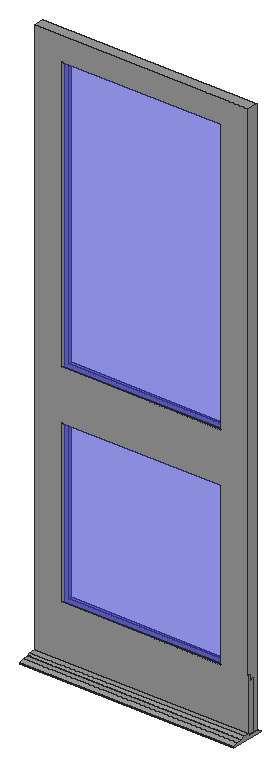
Revit family "MSD-375 DOOR-1-SF_v04", category Curtain Panels, Revit 2015
Parameters
  Width [instance] = 3' - 2"
  URL = "obe.com\r\nobe.com"
  Rough Width [instance] = 3' - 3"
  Offset [instance] = 0' - 1"
  Model = "MSD-375 DOOR"
  Min-Max Rough Width [instance] = if(and((Rough Width > 3' 2 1/4"), (Rough Width < 3' 6 1/256")), Rough Width - 0' 2 1/4", 3' 0")  # 3' - 0 3/4"
  Manufacturer = "Oldcastle BuildingEnvelope®"
  Keynote = "08 11 00"
  Hinge [instance] = yes
  Height [instance] = 8' - 0"
  Pushbar Height [instance] = 3' - 5 1/4"  # constant formula
  Glass Material = Glass
  Frame Material = Aluminum
  Door Panel Height [instance] = Height + 0' 0 1/2"  # 8' - 0 1/2"
  Description = "MSD-375 - 1\" Door Infill"
  Assembly Code = "B2030\r\n"
  Analytic Construction = "<None>"
  8 Muntin [instance] = not([6.5 Muntin])  # no
  6.5 Muntin [instance] = yes
Reference planes (in)
  plane 1 "Front": y = 0
  plane 2: z = 0
  plane 3 "Center (Left/Right)": x = 0
  plane 4 "Left": x = -19
  plane 5 "Right": x = 19
  plane 6 "Top": z = 96
  plane 7: x = 18.375
  plane 8: x = -18.375
Text (in)
  text "Exterior" at (-54.29358, 31.38743, 0), in view "Ref. Level"
  text "Exterior" at (480, 41.53993, 89.60405), in view "Right"
  text "Exterior" at (-240, 57.82419, 105.78864), in view "Left"
Dimensions and locks (in)
  equal spacing: plane 4 "Left", plane 3 "Center (Left/Right)", plane 5 "Right"
  "Width": plane 4 "Left" to plane 5 "Right"
  "Height": plane 6 "Top" to plane 2
  equal spacing: plane 8, plane 3 "Center (Left/Right)", plane 7
  "Min-Max Rough Width": plane 8 to plane 7
  aligned and locked: level to plane 2
  aligned and locked: plane 3 "Center (Left/Right)" to nested 1
  aligned and locked: plane 1 "Front" to nested 1
Nested families (in)
  nested 1: "MSD-375 DOOR-1-Panel_v03" at (0, -31, 0), Frame Material <- "Frame Material", Glass Material <- "Glass Material", 8 Muntin <- "8 Muntin", Hinge <- "Hinge", 6.5 Muntin <- "6.5 Muntin", Width <- "Min-Max Rough Width", Height <- "Door Panel Height", Offset <- "Offset", type "MSD-375 DOOR-1-Panel_v03"
    with built-in parameter 1001301 3' - 0 3/4", Pushbar Height 3' - 5 1/4", Offset 0' - 1", Hinge yes, built-in parameter 1001300 8' - 0 1/2", Glass at Muntin 0' - 6 15/16", Glass Material Glass, Frame Material Aluminum, 8 Muntin no, 6.5 Muntin yes
Definition of nested family "MSD-375 DOOR-1-Panel_v03"
  Parameters (values of type "MSD-375 DOOR-1-Panel_v03")
    Width [instance] = 3' - 0"
    Pushbar Height [instance] = 3' - 5 1/4"  # constant formula
    Offset [instance] = 0' - 2"
    Hinge [instance] = yes
    Height [instance] = 7' - 0"
    Glass at Muntin [instance] = if([6.5 Muntin], 0' 6 15/16", 0' 8 7/16")  # 0' - 6 15/16"
    Glass Material [instance] = none
    Frame Material [instance] = none
    Analytic Construction = "<None>"
    8 Muntin [instance] = not([6.5 Muntin])  # no
    6.5 Muntin [instance] = yes
  Reference planes (in)
    plane 1 "00": y = 28.04297
    plane 2: z = 0
    plane 3 "Center (Left/Right)": x = 0
    plane 4: z = 84
    plane 5: x = -18
    plane 6: x = 18
    plane 7 "Center (Front/Back)": y = 31
    plane 8 "Exterior": y = 28.32422
    plane 9: z = 42
    plane 10: z = 80.96875
    plane 11: z = 80.281
    plane 12: z = 8.90625
    plane 13: z = 37.78125
    plane 14: z = 44.71875
    plane 15: x = -14.031
    plane 16: x = 13.77845
    plane 17 "Offset": y = 29
    plane 18: z = 41.25
  Forms (in)
    Sweep 1, solid, material <- "Frame Material"
      path origin (0, 28.04297, 0) x (1, 0, 0) y (0, 0, 1)
        loop
          line (-17.891, 84) -> (17.63845, 84)
      profile origin (-0.12627, 28.04297, 84) x (0, 0, 1) y (0, -1, 0)
        loop
          line (-4.50328, -0.957) -> (-0.50328, -0.957) -> (-0.50328, 0.793) -> (-4.50328, 0.793) -> (-4.50328, 0.5) -> (-3.719, 0.5) -> (-3.719, -0.5) -> (-4.50328, -0.5) -> (-4.50328, -0.957)
    Sweep 2, solid, material <- "Frame Material"
      path origin (0, 28.04297, 0) x (1, 0, 0) y (0, 0, 1)
        loop
          line (17.69218, 0) -> (-17.891, 0)
      profile origin (-0.09941, 28.04297, 0) x (0, 0, -1) y (0, -1, 0)
        loop
          line (-9.6875, -0.957) -> (-0.6875, -0.957) -> (-0.6875, 0.793) -> (-9.6875, 0.793) -> (-9.6875, 0.5) -> (-8.9065, 0.5) -> (-8.9065, -0.5) -> (-9.6875, -0.5) -> (-9.6875, -0.957)
        loop
          line (-0.125, -1.707) -> (0, -1.707) -> (0, 3.918) -> (-0.125, 3.918) -> (-0.5, 3.168) -> (-0.5, 2.3005) -> (-0.562, 2.3005) -> (-0.844, 1.8115) -> (-0.844, 0.8165) -> (-0.5, 0.8165) -> (-0.5, -0.957) -> (-0.125, -1.707)
    Sweep 3, solid, material <- "Frame Material"
      path origin (0, 28.04297, 0) x (1, 0, 0) y (0, 0, 1)
        loop
          line (18, 83.49672) -> (18, 0.6875)
      profile origin (18, 28.04297, 42.09211) x (0, -1, 0) y (1, 0, 0)
        loop
          line (-0.957, -5.00255) -> (-0.5, -5.00255) -> (-0.5, -4.22155) -> (0.5, -4.22155) -> (0.5, -5.00255) -> (0.793, -5.00255) -> (0.793, -0.36155) -> (-0.957, -0.25255) -> (-0.957, -5.00255)
    Sweep 4, solid, material <- "Frame Material"
      path origin (0, 28.04297, 0) x (1, 0, 0) y (0, 0, 1)
        loop
          line (-18, 83.49672) -> (-18, 0.6875)
      profile origin (-18, 28.04297, 42.09211) x (0, -1, 0) y (1, 0, 0)
        loop
          line (-0.957, 0) -> (0.793, 0.109) -> (0.793, 4.75) -> (0.5, 4.75) -> (0.5, 3.969) -> (-0.5, 3.969) -> (-0.5, 4.75) -> (-0.957, 4.75) -> (-0.957, 0)
    Sweep 5, solid, material <- "Frame Material"
      path origin (0, 28.04297, 0) x (1, 0, 0) y (0, 0, 1)
        loop
          line (17.63845, 42) -> (-17.891, 42)
      profile origin (-0.12627, 28.04297, 42) x (0, 0, -1) y (0, -1, 0)
        loop
          line (5.00025, -0.957) -> (5.00025, -0.5) -> (4.21875, -0.5) -> (4.21875, 0.5) -> (5.00025, 0.5) -> (5.00025, 0.793) -> (-3.49975, 0.793) -> (-3.49975, 0.5) -> (-2.71875, 0.5) -> (-2.71875, -0.50555) -> (-3.49975, -0.50555) -> (-3.49975, -0.957) -> (5.00025, -0.957)
    Extrusion 6, solid, material <- "Glass Material", detail levels coarse
      sketch origin (0, 0, 0) x (1, 0, 0) y (0, 1, 0)
        loop
          line (-14.031, 28.54297) -> (-14.031, 27.54297) -> (13.77845, 27.54297) -> (13.77845, 28.54297) -> (-14.031, 28.54297)
      from 44.71875 to 80.281
    Extrusion 7, solid, material <- "Glass Material", detail levels medium+fine
      sketch origin (0, 0, 0) x (1, 0, 0) y (0, 1, 0)
        loop
          line (13.77845, 28.54297) -> (-14.031, 28.54297) -> (-14.031, 28.34297) -> (13.77845, 28.34297) -> (13.77845, 28.54297)
        loop
          line (-14.031, 27.97297) -> (-14.031, 27.77297) -> (13.77845, 27.77297) -> (13.77845, 27.97297) -> (-14.031, 27.97297)
        loop
          line (13.77845, 27.74297) -> (-14.031, 27.74297) -> (-14.031, 27.54297) -> (13.77845, 27.54297) -> (13.77845, 27.74297)
      from 44.71875 to 80.281
    Extrusion 8, solid, material <- "Glass Material", detail levels coarse
      sketch origin (0, 0, 0) x (1, 0, 0) y (0, 1, 0)
        loop
          line (-14.031, 28.54297) -> (-14.031, 27.54297) -> (13.77845, 27.54297) -> (13.77845, 28.54297) -> (-14.031, 28.54297)
      from 8.90625 to 37.78125
    Extrusion 9, solid, material <- "Glass Material", detail levels medium+fine
      sketch origin (0, 0, 0) x (1, 0, 0) y (0, 1, 0)
        loop
          line (13.77845, 28.54297) -> (-14.031, 28.54297) -> (-14.031, 28.34297) -> (13.77845, 28.34297) -> (13.77845, 28.54297)
        loop
          line (-14.031, 27.97297) -> (-14.031, 27.77297) -> (13.77845, 27.77297) -> (13.77845, 27.97297) -> (-14.031, 27.97297)
        loop
          line (13.77845, 27.74297) -> (-14.031, 27.74297) -> (-14.031, 27.54297) -> (13.77845, 27.54297) -> (13.77845, 27.74297)
      from 8.90625 to 37.78125
  Cuts and joins
    joined: Sweep 1, Sweep 2, Sweep 3, Sweep 4, Sweep 5
  Lines and regions (in)
    model lines
      curve 1: line (13.36845, 28.32422, 79.871) -> (-13.621, 28.32422, 42)
      curve 2: line (-13.621, 28.32422, 42) -> (13.36845, 28.32422, 9.4375)
  Dimensions and locks (in)
    equal spacing: level, plane 9, plane 4
    locked: Sweep 3 sketch curve to plane 4 at 0.50328
    locked: Sweep 4 sketch curve to plane 4 at 0.50328
    locked: plane 4 to plane 10 at 3.03125
    Extrusion 6 sketch curve to plane 1 "00" to Extrusion 6 sketch curve = 0' - 0 1/2" locked, 0' - 0 1/2" locked
    "Glass at Muntin": plane 13 to plane 14
    locked: plane 11 to plane 4 at 3.719
    plane 12 to plane 2 = 0' - 8 29/32"
    "Height": plane 4 to plane 2
    locked: plane 5 to plane 15 at 3.969
    locked: plane 16 to plane 6 at 4.22155
    locked: plane 6 to Sweep 2 sketch curve at 0.30782
    equal spacing: plane 5, plane 3 "Center (Left/Right)", plane 6
    "Width": plane 5 to plane 6
    locked: plane 6 to Sweep 5 sketch curve at 0.36155
    locked: plane 6 to Sweep 1 sketch curve at 0.36155
    locked: plane 14 to Sweep 5 sketch curve at 0.781  (x2)
    locked: Sweep 5 sketch curve to plane 13 at 0.7815
    locked: plane 13 to Sweep 5 sketch curve at 0.7815
    plane 1 "00" to plane 8 "Exterior" to plane 17 "Offset" = 0' - 0 9/32" locked, 0' - 0 173/256" locked
    "Offset": plane 17 "Offset" to plane 7 "Center (Front/Back)"
    locked: Sweep 2 sketch curve to plane 5 at 0.109
    locked: Sweep 5 sketch curve to plane 5 at 0.109
    locked: Sweep 1 sketch curve to plane 5 at 0.109
    equal spacing: plane 13, plane 18, plane 14
    "Pushbar Height": plane 2 to plane 18
    Extrusion 8 sketch curve to Extrusion 8 sketch curve to plane 17 "Offset" = 0' - 1" locked, 0' - 0 117/256" locked
    Extrusion 7 sketch curve to Extrusion 7 sketch curve to Extrusion 7 sketch curve to Extrusion 7 sketch curve to Extrusion 7 sketch curve to Extrusion 7 sketch curve to plane 17 "Offset" = 0' - 0.2" locked, 0' - 0.03" locked, 0' - 0.2" locked, 0' - 0.37" locked, 0' - 0.2" locked, 0' - 0 117/256" locked
    Extrusion 9 sketch curve to Extrusion 9 sketch curve to Extrusion 9 sketch curve to Extrusion 9 sketch curve to Extrusion 9 sketch curve to Extrusion 9 sketch curve to plane 17 "Offset" = 0' - 0.2" locked, 0' - 0.03" locked, 0' - 0.2" locked, 0' - 0.37" locked, 0' - 0.2" locked, 0' - 0 117/256" locked
    locked: plane 2 to Sweep 3 sketch curve at 0.6875
    locked: plane 2 to Sweep 4 sketch curve at 0.6875
    locked: nested 1 to plane 17 "Offset" at 0.88281
    aligned and locked: plane 2 to level
    aligned and locked: plane 3 "Center (Left/Right)" to nested 1
    aligned and locked: Sweep 1 sketch curve to plane 4
    aligned and locked: Sweep 2 sketch curve to level
    aligned and locked: level to nested 2
    aligned and locked: Sweep 5 sketch curve to plane 9
    aligned and locked: plane 11 to Extrusion 7
    aligned and locked: plane 11 to Extrusion 6
    aligned and locked: plane 14 to Extrusion 7
    aligned and locked: plane 14 to Extrusion 6
    aligned and locked: Extrusion 8 to plane 13
    aligned and locked: Extrusion 9 to plane 13
    aligned and locked: plane 12 to Extrusion 9
    aligned and locked: plane 12 to Extrusion 8
    aligned and locked: Sweep 3 sketch curve to plane 6
    aligned and locked: Sweep 4 sketch curve to plane 5
    aligned and locked: plane 16 to Extrusion 6 sketch curve
    aligned and locked: Extrusion 6 sketch curve to plane 15
    aligned and locked: Extrusion 8 sketch curve to plane 15
    aligned and locked: plane 16 to Extrusion 8 sketch curve
    aligned and locked: nested 2 to plane 1 "00"
    aligned and locked: plane 16 to Extrusion 9  (x3)
    aligned and locked: Extrusion 9 to plane 15  (x2)
  Automatic sketch dimensions
    curve 2 to plane 9 = 0' - 0"
    curve 2 to plane 16 = 0' - 0.41"
    curve 1 to plane 16 = 0' - 0.41"
    curve 2 to plane 12 = 0' - 0 17/32"
    plane 11 to curve 1 = 0' - 0.41"
    plane 15 to curve 2 = 0' - 0.41"
    profile plane to Sweep 3 sketch curve = 0' - 0.25255"
    Sweep 3 sketch curve to plane 1 "00" = 0' - 0.957"
    Sweep 3 sketch curve to Sweep 3 sketch curve = 0' - 0.457"
    plane 1 "00" to Sweep 3 sketch curve = 0' - 0 1/2"
    Sweep 3 sketch curve to Sweep 3 sketch curve = 0' - 0.293"
    profile plane to Sweep 3 sketch curve = 0' - 0.36155"
    Sweep 3 sketch curve to Sweep 3 sketch curve = 0' - 3.86"
    Sweep 3 sketch curve to Sweep 3 sketch curve = 0' - 0.781"  (x2)
    Sweep 4 sketch curve to profile plane = 0' - 0"
    Sweep 4 sketch curve to plane 1 "00" = 0' - 0.957"
    Sweep 4 sketch curve to Sweep 4 sketch curve = 0' - 0.457"
    plane 1 "00" to Sweep 4 sketch curve = 0' - 0 1/2"
    Sweep 4 sketch curve to Sweep 4 sketch curve = 0' - 0.293"
    Sweep 4 sketch curve to profile plane = 0' - 0.109"
    Sweep 4 sketch curve to Sweep 4 sketch curve = 0' - 3.86"
    Sweep 4 sketch curve to Sweep 4 sketch curve = 0' - 0.781"  (x2)
    Sweep 1 sketch curve to plane 1 "00" = 0' - 0.957"
    profile plane to Sweep 1 sketch curve = 0' - 4.50328"
    Sweep 1 sketch curve to Sweep 1 sketch curve = 0' - 0"
    Sweep 1 sketch curve to Sweep 1 sketch curve = 0' - 0.78428"
    profile plane to Sweep 1 sketch curve = 0' - 0.50328"
    Sweep 1 sketch curve to Sweep 1 sketch curve = 0' - 0.457"
    plane 1 "00" to Sweep 1 sketch curve = 0' - 0 1/2"
    Sweep 1 sketch curve to Sweep 1 sketch curve = 0' - 0.293"
    Sweep 5 sketch curve to Sweep 5 sketch curve = 0' - 0.781"
    Sweep 5 sketch curve to Sweep 5 sketch curve = 0' - 0.7815"
    Sweep 5 sketch curve to plane 1 "00" = 0' - 0.957"
    Sweep 5 sketch curve to plane 1 "00" = 0' - 0.50555"
    Sweep 5 sketch curve to plane 1 "00" = 0' - 0 1/2"
    plane 1 "00" to Sweep 5 sketch curve = 0' - 0 1/2"  (x2)
    Sweep 5 sketch curve to Sweep 5 sketch curve = 0' - 0.293"
    Sweep 2 sketch curve to profile plane = 0' - 0"
    Sweep 2 sketch curve to Sweep 2 sketch curve = 0' - 0.282"
    plane 1 "00" to Sweep 2 sketch curve = 0' - 0 1/2"
    Sweep 2 sketch curve to Sweep 2 sketch curve = 0' - 8.8435"
    Sweep 2 sketch curve to Sweep 2 sketch curve = 0' - 0"  (x2)
    Sweep 2 sketch curve to Sweep 2 sketch curve = 0' - 1.0185"
    Sweep 2 sketch curve to Sweep 2 sketch curve = 0' - 0.489"
    profile plane to Sweep 2 sketch curve = 0' - 0 1/8"  (x2)
    profile plane to Sweep 2 sketch curve = 0' - 0 1/2"
    Sweep 2 sketch curve to Sweep 2 sketch curve = 0' - 0.062"
    Sweep 2 sketch curve to Sweep 2 sketch curve = 0' - 0.781"
    Sweep 2 sketch curve to plane 1 "00" = 0' - 0 1/2"
    Sweep 2 sketch curve to Sweep 2 sketch curve = 0' - 0 3/4"  (x2)
    Sweep 2 sketch curve to Sweep 2 sketch curve = 0' - 0.457"
    Sweep 2 sketch curve to Sweep 2 sketch curve = 0' - 0.8675"
    Sweep 2 sketch curve to Sweep 2 sketch curve = 0' - 0.293"
    plane 15 to Extrusion 7 sketch curve = 0' - 0"  (x2)
    Extrusion 7 sketch curve to Extrusion 7 sketch curve = 0' - 0"
    Extrusion 7 sketch curve to plane 16 = 0' - 0"  (x3)
    Extrusion 9 sketch curve to plane 15 = 0' - 0"  (x3)
    Extrusion 9 sketch curve to plane 16 = 0' - 0"  (x3)
    Sweep 2 sketch curve to Sweep 2 sketch curve = 0' - 0.1565"
    Sweep 2 sketch curve to Sweep 2 sketch curve = 0' - 0 3/16"
    Sweep 2 sketch curve to Sweep 2 sketch curve = 0' - 0.0235"
  Nested families (in)
    nested 1: "MSD-375 DOOR-1-Plan View_v02" at (0, 28.11719, 0), Width <- "Width", Hinge <- "Hinge", type "MSD-375 DOOR-1-Plan View_v02"
    nested 2: "MSD-375 DOOR-1-Section_v02" at (0, 28.04297, 0) x (0, -1, 0) z (1, 0, 0), Height <- "Height", 8 Muntin <- "8 Muntin", 6.5 Muntin <- "6.5 Muntin", type "MSD-375 DOOR-1-Section_v02"
      with Pushbar Height 3' - 5 1/4", Max Glass Top 1' - 0", Height 7' - 0", Glass at Muntins 0' - 6 15/16", Glass Top 1' - 0", 8 Muntin no, 6.5 Muntin yes
  Definition of nested family "MSD-375 DOOR-1-Plan View_v02"
    Parameters (values of type "MSD-375 DOOR-1-Plan View_v02")
      Width [instance] = 3' - 0"
      Hinge [instance] = yes
    Reference planes (in)
      plane 1 "Center (Front/Back)": y = 0
      plane 2: z = 0
      plane 3 "Center (Left/Right)": x = 0
      plane 4: x = -18
      plane 5: x = 18
      plane 6: x = 16.59122
      plane 7: y = 36
      plane 8: y = 32.031
      plane 9: y = 5.38756
      plane 10: x = 13.77845
      plane 11: x = -14.031
    Lines and regions (in)
      detail lines, in view "Ref. Level"
        curve 1: arc (-18, 0, 0) -> (-7.67439, 25.23541, 0) -> (17.37921, 35.99465, 0) r 36
    Dimensions and locks (in)
      "Width": plane 4 to plane 5
      equal spacing: plane 4, plane 3 "Center (Left/Right)", plane 5
      "Width": plane 1 "Center (Front/Back)" to plane 7
      plane 10 to plane 6 to plane 5 to nested 7 to nested 2 = 0' - 2.81276" locked, 0' - 1.40878" locked, 0' - 2 1/4" locked, 0' - 0.18445" locked
      nested 3 to plane 7 to plane 8 = 0' - 2.687" locked, 0' - 3.969" locked
      nested 4 to plane 4 to plane 11 = 0' - 2.687" locked, 0' - 3.969" locked
      plane 9 to plane 1 "Center (Front/Back)" to nested 7 to nested 1 = 0' - 5.38756", 0' - 0.02563" locked, 0' - 1.24281" locked
      aligned and locked: plane 1 "Center (Front/Back)" to nested 4
      aligned and locked: plane 6 to nested 3
      aligned and locked: nested 1 to plane 6
      aligned and locked: plane 1 "Center (Front/Back)" to nested 6
      aligned and locked: plane 10 to nested 6
      aligned and locked: nested 6 to plane 11
      aligned and locked: nested 5 to plane 6
      aligned and locked: nested 5 to plane 9
      aligned and locked: plane 8 to nested 5
    Automatic sketch dimensions
      plane 1 "Center (Front/Back)" to curve 1 = 0' - 0"
      curve 1 to plane 4 = 0' - 0"
      curve 1 to plane 5 = 0' - 0"
      plane 7 to curve 1 = 0' - 0.00535"
    Nested families (in)
      nested 1: "HINGE STILE-DI" at (16.59122, -1.26844, 0) x (0, 1, 0) z (0, 0, 1), type "HINGE STILE-DI", in view "Ref. Level"
      nested 2: "HINGE STILE-DI" at (20.43445, 0, 0) x (-1, 0, 0) z (0, 0, 1), type "HINGE STILE-DI", in view "Ref. Level", not visible
      nested 3: "HINGE STILE-DI" at (16.59122, 38.687, 0) x (0, -1, 0) z (0, 0, 1), type "HINGE STILE-DI", in view "Ref. Level"
      nested 4: "HINGE STILE-DI" at (-20.687, 0, 0), type "HINGE STILE-DI", in view "Ref. Level", not visible
      nested 5: "Glass-DI" at (16.59122, 5.38756, 0) x (0, 1, 0) z (0, 0, 1), type "Glass-DI", in view "Ref. Level"
        with Glass Width 2' - 2.64344"
      nested 6: "Glass-DI" at (-14.031, 0, 0), type "Glass-DI", in view "Ref. Level", not visible
        with Glass Width 2' - 3.80945"
      nested 7: "HINGE-DI1" at (20.25, -0.02563, 0) x (-1, 0, 0) z (0, 0, 1), visible <- "Hinge", type "HINGE-DI 2", in view "Ref. Level"
    Definition of nested family "HINGE STILE-DI"
      Reference planes (in)
        plane 1 "Center (Front/Back)": y = 0
        plane 2: z = 0
        plane 3 "Center (Left/Right)": x = 0
    Definition of nested family "Glass-DI"
      Parameters (values of type "Glass-DI")
        Glass Width [instance] = 1' - 1.156"
      Reference planes (in)
        plane 1 "Center (Front/Back)": y = 0
        plane 2: z = 0
        plane 3 "Center (Left/Right)": x = 0
        plane 4: x = 13.156
      Lines and regions (in)
        detail lines, in view "Ref. Level"
          curve 1: line (0, -0.5, 0) -> (13.156, -0.5, 0)
          curve 14: line (0, 0.5, 0) -> (13.156, 0.5, 0)
        detail lines, in view "Ref. Level", detail levels fine
          curve 2: line (0, -0.45, 0) -> (13.156, -0.45, 0)
          curve 3: line (0, -0.4, 0) -> (13.156, -0.4, 0)
          curve 4: line (0, -0.35, 0) -> (13.156, -0.35, 0)
          curve 7: line (0, 0.12, 0) -> (13.156, 0.12, 0)
          curve 8: line (0, 0.17, 0) -> (13.156, 0.17, 0)
          curve 9: line (0, 0.22, 0) -> (13.156, 0.22, 0)
          curve 11: line (0, 0.35, 0) -> (13.156, 0.35, 0)
          curve 12: line (0, 0.4, 0) -> (13.156, 0.4, 0)
          curve 13: line (0, 0.45, 0) -> (13.156, 0.45, 0)
        detail lines, in view "Ref. Level", detail levels medium+fine
          curve 5: line (0, -0.3, 0) -> (13.156, -0.3, 0)
          curve 6: line (0, 0.07, 0) -> (13.156, 0.07, 0)
          curve 10: line (0, 0.27, 0) -> (13.156, 0.27, 0)
          curve 15: line (0, 0.3, 0) -> (13.156, 0.3, 0)
      Dimensions and locks (in)
        "Glass Width": plane 3 "Center (Left/Right)" to plane 4
        aligned and locked: plane 4 to curve 1
        aligned and locked: plane 4 to curve 2
        aligned and locked: plane 4 to curve 3
        aligned and locked: plane 4 to curve 4
        aligned and locked: plane 4 to curve 5
        aligned and locked: plane 4 to curve 6
        aligned and locked: plane 4 to curve 7
        aligned and locked: plane 4 to curve 8
        aligned and locked: plane 4 to curve 9
        aligned and locked: plane 4 to curve 10
        aligned and locked: plane 4 to curve 15
        aligned and locked: plane 4 to curve 11
        aligned and locked: plane 4 to curve 12
        aligned and locked: plane 4 to curve 13
        aligned and locked: plane 4 to curve 14
        aligned and locked: plane 3 "Center (Left/Right)" to curve 2
        aligned and locked: plane 3 "Center (Left/Right)" to curve 1
        aligned and locked: plane 3 "Center (Left/Right)" to curve 5
        aligned and locked: plane 3 "Center (Left/Right)" to curve 4
        aligned and locked: plane 3 "Center (Left/Right)" to curve 3
        aligned and locked: plane 3 "Center (Left/Right)" to curve 7
        aligned and locked: plane 3 "Center (Left/Right)" to curve 6
        aligned and locked: plane 3 "Center (Left/Right)" to curve 8
        aligned and locked: plane 3 "Center (Left/Right)" to curve 10
        aligned and locked: plane 3 "Center (Left/Right)" to curve 9
        aligned and locked: plane 3 "Center (Left/Right)" to curve 15
        aligned and locked: plane 3 "Center (Left/Right)" to curve 13
        aligned and locked: plane 3 "Center (Left/Right)" to curve 12
        aligned and locked: plane 3 "Center (Left/Right)" to curve 11
        aligned and locked: plane 3 "Center (Left/Right)" to curve 14
      Automatic sketch dimensions
        plane 1 "Center (Front/Back)" to curve 1 = 0' - 0 1/2"
        curve 15 to plane 1 "Center (Front/Back)" = 0' - 0.3"
        curve 1 to curve 2 = 0' - 0.05"
        curve 2 to curve 3 = 0' - 0.05"
        curve 3 to curve 4 = 0' - 0.05"
        curve 4 to curve 5 = 0' - 0.05"
        curve 6 to plane 1 "Center (Front/Back)" = 0' - 0.07"
        curve 6 to curve 7 = 0' - 0.05"
        curve 7 to curve 8 = 0' - 0.05"
        curve 8 to curve 9 = 0' - 0.05"
        curve 10 to curve 15 = 0' - 0.03"
        curve 15 to curve 11 = 0' - 0.05"
        curve 11 to curve 12 = 0' - 0.05"
        curve 12 to curve 13 = 0' - 0.05"
        curve 13 to curve 14 = 0' - 0.05"
    Definition of nested family "HINGE-DI1"
      Reference planes (in)
        plane 1 "Center (Front/Back)": y = 0
        plane 2: z = 0
        plane 3 "Center (Left/Right)": x = 0
  Definition of nested family "MSD-375 DOOR-1-Section_v02"
    Parameters (values of type "MSD-375 DOOR-1-Section_v02")
      Pushbar Height [instance] = 3' - 5 1/4"  # constant formula
      Max Glass Top [instance] = if(Glass Top < Height, Glass Top, Height - 0' 8 29/32" - 0' 5")  # 4' - 0.031"
      Height [instance] = 7' - 0"
      Glass at Muntins [instance] = if([6.5 Muntin], 0' 6 15/16", 0' 8 7/16")  # 0' - 8 7/16"
      Glass Top [instance] = 4' - 0.031"
      8 Muntin [instance] = not([6.5 Muntin])  # yes
      6.5 Muntin [instance] = no
    Reference planes (in)
      plane 1 "Center (Front/Back)": y = 0
      plane 2: z = 0
      plane 3 "Center (Left/Right)": x = 0
      plane 4: y = 8.9065
      plane 5: y = 80.281
      plane 6: y = 84
      plane 7: y = 45.46875
      plane 8: y = 37.03125
      plane 9: y = 46.24975
      plane 10: y = 41.25
    Dimensions and locks (in)
      locked: plane 4 to plane 1 "Center (Front/Back)" at 8.9065
      "Height": plane 6 to plane 1 "Center (Front/Back)"
      locked: plane 7 to plane 9 at 0.781
      "Glass at Muntins": plane 8 to plane 7
      nested 1 to plane 6 to plane 5 = 0' - 3 1/4" locked, 0' - 3.719" locked
      equal spacing: plane 8, plane 10, plane 7
      "Pushbar Height": plane 1 "Center (Front/Back)" to plane 10
      aligned and locked: plane 3 "Center (Left/Right)" to nested 1
      aligned and locked: plane 3 "Center (Left/Right)" to nested 2
      aligned and locked: plane 9 to nested 3
      aligned and locked: plane 3 "Center (Left/Right)" to nested 3
      aligned and locked: plane 9 to nested 4
      aligned and locked: plane 3 "Center (Left/Right)" to nested 4
      aligned and locked: plane 4 to nested 5
      aligned and locked: plane 8 to nested 5
      aligned and locked: nested 5 to plane 3 "Center (Left/Right)"
      aligned and locked: nested 6 to plane 5
      aligned and locked: nested 6 to plane 3 "Center (Left/Right)"
      aligned and locked: plane 1 "Center (Front/Back)" to nested 2
      aligned and locked: nested 6 to plane 7
    Nested families (in)
      nested 1: "TOP RAIL-DI" at (0, 87.25, 0), type "TOP RAIL-DI", in view "Ref. Level"
      nested 2: "BOTTOM RAIL-DI" at (0, 9.6875, 0), type "BOTTOM RAIL-DI", in view "Ref. Level"
      nested 3: "6.5 MUNTIN-DI" at (0, 46.24975, 0), visible <- "6.5 Muntin", type "6.5 MUNTIN-DI", in view "Ref. Level"
      nested 4: "8 MUNTIN-DI" at (0, 46.24975, 0), visible <- "8 Muntin", type "8 MUNTIN-DI", in view "Ref. Level"
      nested 5: "Glass-DI" at (0, 37.03125, 0) x (0, -1, 0) z (0, 0, 1), type "Glass-DI", in view "Ref. Level"
        with Glass Width 2' - 4.12475"
      nested 6: "Glass-DI" at (0, 80.281, 0) x (0, -1, 0) z (0, 0, 1), type "Glass-DI", in view "Ref. Level"
        with Glass Width 2' - 10.81225"
    Definition of nested family "TOP RAIL-DI"
      Reference planes (in)
        plane 1 "Center (Front/Back)": y = 0
        plane 2: z = 0
        plane 3 "Center (Left/Right)": x = 0
      Lines and regions (in)
        detail lines, in view "Ref. Level"
          curve 1: line (-0.957, -7.75, 0) -> (-0.957, -3.75, 0)
          curve 2: line (-0.957, -3.75, 0) -> (0.793, -3.75, 0)
          curve 3: line (0.793, -3.75, 0) -> (0.793, -7.75, 0)
          curve 4: line (0.793, -7.75, 0) -> (0.5, -7.75, 0)
          curve 5: line (0.5, -7.75, 0) -> (0.5, -6.969, 0)
          curve 6: line (0.5, -6.969, 0) -> (-0.5, -6.969, 0)
          curve 7: line (-0.5, -6.969, 0) -> (-0.5, -7.75, 0)
          curve 8: line (-0.5, -7.75, 0) -> (-0.957, -7.75, 0)
    Definition of nested family "BOTTOM RAIL-DI"
      Reference planes (in)
        plane 1 "Center (Front/Back)": y = 0
        plane 2: z = 0
        plane 3 "Center (Left/Right)": x = 0
      Lines and regions (in)
        detail lines, in view "Ref. Level"
          curve 1: line (-0.957, -9.1875, 0) -> (-0.957, 0, 0)
          curve 2: line (-0.957, 0, 0) -> (-0.5, 0, 0)
          curve 3: line (-0.5, 0, 0) -> (-0.5, -0.781, 0)
          curve 4: line (-0.5, -0.781, 0) -> (0.5, -0.781, 0)
          curve 5: line (0.5, -0.781, 0) -> (0.5, 0, 0)
          curve 6: line (0.5, 0, 0) -> (0.793, 0, 0)
          curve 7: line (0.793, 0, 0) -> (0.793, -9.1875, 0)
          curve 8: line (0.793, -9, 0) -> (-0.957, -9, 0)
          curve 9: line (0.793, -9.1875, 0) -> (3.168, -9.1875, 0)
          curve 10: line (3.168, -9.1875, 0) -> (3.918, -9.5625, 0)
          curve 11: line (3.918, -9.5625, 0) -> (3.918, -9.6875, 0)
          curve 12: line (3.918, -9.6875, 0) -> (-1.707, -9.6875, 0)
          curve 13: line (-1.707, -9.6875, 0) -> (-1.707, -9.5625, 0)
          curve 14: line (-1.707, -9.5625, 0) -> (-0.957, -9.1875, 0)
    Definition of nested family "6.5 MUNTIN-DI"
      Reference planes (in)
        plane 1 "Center (Front/Back)": y = 0
        plane 2: z = 0
        plane 3 "Center (Left/Right)": x = 0
      Lines and regions (in)
        detail lines, in view "Ref. Level"
          curve 1: line (0.793, 0, 0) -> (0.793, -8.5, 0)
          curve 2: line (0.793, -8.5, 0) -> (0.5, -8.5, 0)
          curve 3: line (0.5, -8.5, 0) -> (0.5, -7.719, 0)
          curve 4: line (0.5, -7.719, 0) -> (-0.5, -7.719, 0)
          curve 5: line (-0.5, -7.719, 0) -> (-0.5, -8.5, 0)
          curve 6: line (-0.5, -8.5, 0) -> (-0.957, -8.5, 0)
          curve 7: line (-0.957, -8.5, 0) -> (-0.957, 0, 0)
          curve 8: line (-0.957, 0, 0) -> (-0.5, 0, 0)
          curve 9: line (-0.5, 0, 0) -> (-0.5, -0.781, 0)
          curve 10: line (-0.5, -0.781, 0) -> (0.5, -0.781, 0)
          curve 11: line (0.5, -0.781, 0) -> (0.5, 0, 0)
          curve 12: line (0.5, 0, 0) -> (0.793, 0, 0)
    Definition of nested family "8 MUNTIN-DI"
      Reference planes (in)
        plane 1 "Center (Front/Back)": y = 0
        plane 2: z = 0
        plane 3 "Center (Left/Right)": x = 0
      Lines and regions (in)
        detail lines, in view "Ref. Level"
          curve 1: line (0.793, 0, 0) -> (0.793, -10, 0)
          curve 2: line (0.793, -10, 0) -> (0.5, -10, 0)
          curve 3: line (0.5, -10, 0) -> (0.5, -9.219, 0)
          curve 4: line (0.5, -9.219, 0) -> (-0.5, -9.219, 0)
          curve 5: line (-0.5, -9.219, 0) -> (-0.5, -10, 0)
          curve 6: line (-0.5, -10, 0) -> (-0.957, -10, 0)
          curve 7: line (-0.957, -10, 0) -> (-0.957, 0, 0)
          curve 8: line (-0.957, 0, 0) -> (-0.5, 0, 0)
          curve 9: line (-0.5, 0, 0) -> (-0.5, -0.781, 0)
          curve 10: line (-0.5, -0.781, 0) -> (0.5, -0.781, 0)
          curve 11: line (0.5, -0.781, 0) -> (0.5, 0, 0)
          curve 12: line (0.5, 0, 0) -> (0.793, 0, 0)
    Definition of nested family "Glass-DI"
      Parameters (values of type "Glass-DI")
        Glass Width [instance] = 1' - 1.156"
      Reference planes (in)
        plane 1 "Center (Front/Back)": y = 0
        plane 2: z = 0
        plane 3 "Center (Left/Right)": x = 0
        plane 4: x = 13.156
      Lines and regions (in)
        detail lines, in view "Ref. Level"
          curve 1: line (0, -0.5, 0) -> (13.156, -0.5, 0)
          curve 14: line (0, 0.5, 0) -> (13.156, 0.5, 0)
        detail lines, in view "Ref. Level", detail levels fine
          curve 2: line (0, -0.45, 0) -> (13.156, -0.45, 0)
          curve 3: line (0, -0.4, 0) -> (13.156, -0.4, 0)
          curve 4: line (0, -0.35, 0) -> (13.156, -0.35, 0)
          curve 7: line (0, 0.12, 0) -> (13.156, 0.12, 0)
          curve 8: line (0, 0.17, 0) -> (13.156, 0.17, 0)
          curve 9: line (0, 0.22, 0) -> (13.156, 0.22, 0)
          curve 11: line (0, 0.35, 0) -> (13.156, 0.35, 0)
          curve 12: line (0, 0.4, 0) -> (13.156, 0.4, 0)
          curve 13: line (0, 0.45, 0) -> (13.156, 0.45, 0)
        detail lines, in view "Ref. Level", detail levels medium+fine
          curve 5: line (0, -0.3, 0) -> (13.156, -0.3, 0)
          curve 6: line (0, 0.07, 0) -> (13.156, 0.07, 0)
          curve 10: line (0, 0.27, 0) -> (13.156, 0.27, 0)
          curve 15: line (0, 0.3, 0) -> (13.156, 0.3, 0)
      Dimensions and locks (in)
        "Glass Width": plane 3 "Center (Left/Right)" to plane 4
        aligned and locked: plane 4 to curve 1
        aligned and locked: plane 4 to curve 2
        aligned and locked: plane 4 to curve 3
        aligned and locked: plane 4 to curve 4
        aligned and locked: plane 4 to curve 5
        aligned and locked: plane 4 to curve 6
        aligned and locked: plane 4 to curve 7
        aligned and locked: plane 4 to curve 8
        aligned and locked: plane 4 to curve 9
        aligned and locked: plane 4 to curve 10
        aligned and locked: plane 4 to curve 15
        aligned and locked: plane 4 to curve 11
        aligned and locked: plane 4 to curve 12
        aligned and locked: plane 4 to curve 13
        aligned and locked: plane 4 to curve 14
        aligned and locked: plane 3 "Center (Left/Right)" to curve 2
        aligned and locked: plane 3 "Center (Left/Right)" to curve 1
        aligned and locked: plane 3 "Center (Left/Right)" to curve 5
        aligned and locked: plane 3 "Center (Left/Right)" to curve 4
        aligned and locked: plane 3 "Center (Left/Right)" to curve 3
        aligned and locked: plane 3 "Center (Left/Right)" to curve 7
        aligned and locked: plane 3 "Center (Left/Right)" to curve 6
        aligned and locked: plane 3 "Center (Left/Right)" to curve 8
        aligned and locked: plane 3 "Center (Left/Right)" to curve 10
        aligned and locked: plane 3 "Center (Left/Right)" to curve 9
        aligned and locked: plane 3 "Center (Left/Right)" to curve 15
        aligned and locked: plane 3 "Center (Left/Right)" to curve 13
        aligned and locked: plane 3 "Center (Left/Right)" to curve 12
        aligned and locked: plane 3 "Center (Left/Right)" to curve 11
        aligned and locked: plane 3 "Center (Left/Right)" to curve 14
      Automatic sketch dimensions
        plane 1 "Center (Front/Back)" to curve 1 = 0' - 0 1/2"
        curve 15 to plane 1 "Center (Front/Back)" = 0' - 0.3"
        curve 1 to curve 2 = 0' - 0.05"
        curve 2 to curve 3 = 0' - 0.05"
        curve 3 to curve 4 = 0' - 0.05"
        curve 4 to curve 5 = 0' - 0.05"
        curve 6 to plane 1 "Center (Front/Back)" = 0' - 0.07"
        curve 6 to curve 7 = 0' - 0.05"
        curve 7 to curve 8 = 0' - 0.05"
        curve 8 to curve 9 = 0' - 0.05"
        curve 10 to curve 15 = 0' - 0.03"
        curve 15 to curve 11 = 0' - 0.05"
        curve 11 to curve 12 = 0' - 0.05"
        curve 12 to curve 13 = 0' - 0.05"
        curve 13 to curve 14 = 0' - 0.05"
